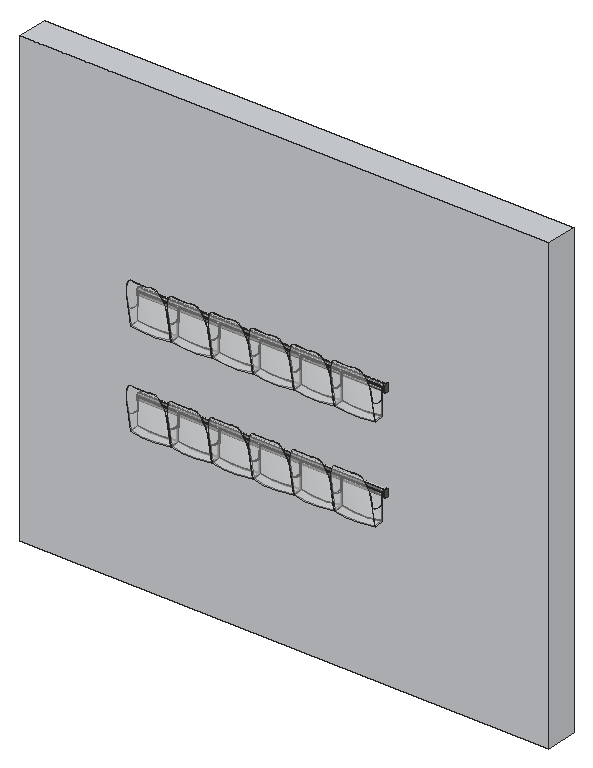
Revit family "REVIT-MG-1032-Dacapo-", category Furniture, Revit 2016
Family settings
  OmniClass Number = 23.40.20.00
  OmniClass Title = General Furniture and Specialties
  Work Plane-Based = No
  Always vertical = Yes
  Cut with Voids When Loaded = No
  Shared = No
  Room Calculation Point = No
Parameters (values of type "MG-1032")
  URL = "www.magnusongroup.com"
  Type Comments = "Waiting Rooms"  # constant formula
  Salvage or Reuse = yes
  Percentage of Recycled Content = 0
  Model = "MG-1032"
  Manufacturer = "Magnuson Group"  # constant formula
  Low Emitting Material = yes
  Low Emitting Finish = yes
  Revit File Built By = "https://servex-us.com/servex-revit/"
  Description = "Dacapo Brochure & Leaflet Holder"
Reference planes (in)
  plane 1 "Center Front/Back": y = 0
  plane 2: z = 0
  plane 3 "Center Left/Right": x = 0
Forms (in)
  Extrusion 1, solid
    sketch origin (0, 0, 0) x (1, 0, 0) y (0, 1, 0)
      loop
        line (-37.08763, 0) -> (46.91237, 0) -> (46.91237, 5) -> (-37.08763, 5) -> (-37.08763, 0)
    from 0 to 72
Dimensions and locks (in)
  aligned and locked: level to plane 2
Nested families (in)
  nested 1: "Magnuson-Dacapo-Wall_Mounted_Rail_A5" at (1.63472, 0, 42.41493) x (1, 0, 0) z (0, -1, 0), type "DC10-6A5"
  nested 2: "Magnuson-Dacapo-Wall_Mounted_Rail_A5" at (1.63472, 0, 27.41493) x (1, 0, 0) z (0, -1, 0), type "DC10-6A5"
Definition of nested family "Magnuson-Dacapo-Wall_Mounted_Rail_A5"
  Parameters (values of type "DC20-12A5")
    Width = 78 3/4"
    URL = "www.magnusongroup.com"
    Type Comments = "DACAPO"  # constant formula
    Tray Finish = none
    Salvage or Reuse = yes
    Rail Finsih = none
    Percentage of Recycled Content = 0
    Model = "DC20-12A5"
    Manufacturer = "MAGNUSON"  # constant formula
    Low Emitting Material = yes
    Low Emitting Finish = yes
    Keynote = "12500"
    Height = 4 3/8"
    Dist Tray W = 0.43614"
    Description = "Wall mounted rail with twelve A5 sized leaflet holders Rail in two sections"
    Depth = 7 7/8"
    Default Elevation = 48"
    Cut V = Width = 78 3/4"  # yes
    Cut = if(Width = 78 3/4", 3", 1/8")  # 3"
    Cap Finish = none
    Assembly Code = "E2020200"
    #Tray = if(Width = 78 3/4", 12, if(Width = 59 1/16", 9, if(Width = 39 3/8", 6, 3)))  # 12
  Types (5): name | Width | Model | Description | Cut V | Cut | #Tray
    (no name) | 78 3/4" | "DC20-12A5" | "Wall mounted rail with twelve A5 sized leaflet holders Rail in two sections" | yes | 3" | 12
    DC50-3A5 | 19 11/16" | "DC50-3A5" | "Wall mounted rail with three A5 sized leaflet holders" | no | 1/8" | 3
    DC10-6A5 | 39 3/8" | "DC10-6A5" | "Wall mounted rail with six A5 sized leaflet holders" | no | 1/8" | 6
    DC15-9A5 | 59 1/16" | "DC15-9A5" | "Wall mounted rail with nine A5 sized leaflet holderss" | no | 1/8" | 9
    DC20-12A5 | 78 3/4" | "DC20-12A5" | "Wall mounted rail with twelve A5 sized leaflet holders Rail in two sections" | yes | 3" | 12
  Reference planes (in)
    plane 1 "Center (Front/Back)": y = 0
    plane 2: z = 0
    plane 3 "Center (Left/Right)": x = 0
    plane 4: x = -39.375
    plane 5: x = 39.375
    plane 6: x = -39.25
    plane 7: x = 39.25
    plane 8: y = 0.59553
    plane 9: y = -0.59785
    plane 10: y = 3.63848
    plane 11: y = -4.22736
    plane 12: z = -0.25
    plane 13: x = -39.125
    plane 14: x = 39.125
    plane 15: z = 3.91937
  Forms (in)
    Extrusion 1, solid
      sketch origin (0, 0, 0) x (1, 0, 0) y (0, 1, 0)
        loop
          line (-47, 47.23622) -> (-47, -48) -> (47.00147, -48) -> (47.00147, 47.23622) -> (-47, 47.23622)
      from 0 to -12
    Extrusion 2, solid, material <- "Cap Finish"
      sketch origin (0, 0, 0) x (0, 1, 0) y (0, 0, 1)
        loop
          arc (0.59553, 0.35063) -> (0.43908, 0.48907) -> (0.23622, 0.53903) r 0.43684
          line (0.23622, 0.53903) -> (-0.23622, 0.53903)
          arc (-0.23622, 0.53903) -> (-0.44089, 0.48812) -> (-0.59785, 0.34724) r 0.43684
          line (-0.59785, 0.34724) -> (-0.59785, 0) -> (0.59553, 0) -> (0.59553, 0.35063)
      from -39.375 to -39.25
    Extrusion 3, solid, material <- "Cap Finish"
      sketch origin (13.25, 0, 0) x (0, 1, 0) y (0, 0, 1)
        loop
          arc (0.59553, 0.35063) -> (0.43908, 0.48907) -> (0.23622, 0.53903) r 0.43684
          line (0.23622, 0.53903) -> (-0.23622, 0.53903)
          arc (-0.23622, 0.53903) -> (-0.44089, 0.48812) -> (-0.59785, 0.34724) r 0.43684
          line (-0.59785, 0.34724) -> (-0.59785, 0) -> (0.59553, 0) -> (0.59553, 0.35063)
      from 26 to 26.125
    Extrusion 4, solid, material <- "Rail Finsih"
      sketch origin (0, 0, 0) x (0, 1, 0) y (0, 0, 1)
        loop
          line (0.23622, 0.53903) -> (0.23622, 0.05906) -> (0, 0.05906) -> (0, 0.53903) -> (-0.23622, 0.53903)
          arc (-0.23622, 0.53903) -> (-0.44089, 0.48812) -> (-0.59785, 0.34724) r 0.43684
          line (-0.59785, 0.34724) -> (-0.59785, 0) -> (0.59553, 0) -> (0.59553, 0.35063)
          arc (0.59553, 0.35063) -> (0.43908, 0.48907) -> (0.23622, 0.53903) r 0.43684
      from -39.25 to 39.25
    Extrusion 5, void
      sketch origin (0, 0, 0) x (1, 0, 0) y (0, 0, 1)
        loop
          line (0.016, 2.75) -> (-0.016, 2.75) -> (-0.016, -0.25) -> (0.016, -0.25) -> (0.016, 2.75)
      from -0.59553 to 0.59785
  Cuts and joins
    Extrusion 5 cuts Extrusion 2
    Extrusion 5 cuts Extrusion 4
  Lines and regions (in)
    symbolic lines
      curve 1: line (39.375, 0, 0) -> (39.375, 0, 0.53903)
      curve 2: line (39.25, 0, 0) -> (39.25, 0, 0.53903)
      curve 3: line (-39.375, 0, 0.53903) -> (-39.375, 0, 0)
      curve 4: line (-39.25, 0, 0.53903) -> (-39.25, 0, 0)
      curve 5: line (-39.375, 0, 0) -> (39.375, 0, 0)
      curve 6: line (39.375, 0, 0.53903) -> (-39.375, 0, 0.53903)
      curve 7: line (-39.25, 0, 0.35063) -> (39.25, 0, 0.35063)
    symbolic lines, visible <- "Cut V"
      curve 8: line (0, 0, 0.53903) -> (0, 0, -0.25)
  Dimensions and locks (in)
    plane 4 to plane 6 to plane 13 = 1/8" locked, 1/8" locked
    plane 14 to plane 7 to plane 5 = 1/8" locked, 1/8" locked
    equal spacing: plane 4, plane 3 "Center (Left/Right)", plane 5
    "Width": plane 4 to plane 5
    plane 10 to plane 1 "Center (Front/Back)" to plane 11 = 3.63848", 4.22736"
    plane 10 to plane 11 = 7.86583"
    locked: plane 12 to Extrusion 1 at 0.25
    Extrusion 5 sketch curve to plane 3 "Center (Left/Right)" to Extrusion 5 sketch curve = 0.016" locked, 0.016" locked
    "Cut": plane 12 to Extrusion 5 sketch curve
    equal spacing: group 1, group 3, group 4, group 5, group 6, group 7, group 8, group 9, group 10, group 11, group 12, group 2  (x3)
    plane 15 to Extrusion 1 = 3.91937"
    aligned and locked: plane 2 to Extrusion 1
    aligned and locked: level to Extrusion 1
    aligned and locked: plane 4 to Extrusion 2
    aligned and locked: Extrusion 2 to plane 6
    aligned and locked: plane 5 to Extrusion 3
    aligned and locked: Extrusion 3 to plane 7
    aligned and locked: plane 6 to Extrusion 4
    aligned and locked: plane 7 to Extrusion 4
    aligned and locked: Extrusion 5 sketch curve to plane 12
    aligned and locked: plane 8 to Extrusion 5
    aligned and locked: Extrusion 5 to plane 9
    aligned and locked: curve 1 to Extrusion 3
    aligned and locked: curve 2 to cut or joined group of Extrusion 4, Extrusion 5
    aligned and locked: curve 3 to cut or joined group of Extrusion 2, Extrusion 5
    aligned and locked: curve 4 to cut or joined group of Extrusion 4, Extrusion 5
    aligned and locked: curve 5 to cut or joined group of Extrusion 2, Extrusion 5
    aligned and locked: curve 6 to Extrusion 3
    aligned and locked: curve 7 to cut or joined group of Extrusion 4, Extrusion 5
    aligned and locked: plane 13 to nested 1
    aligned and locked: nested 2 to plane 14
  Automatic sketch dimensions
    Extrusion 1 sketch curve to Extrusion 1 sketch curve = 94.00147"
    Extrusion 1 sketch curve to Extrusion 1 sketch curve = 95.23622"
    curve 8 to plane 3 "Center (Left/Right)" = 0"
    curve 8 to plane 12 = 0"
    Extrusion 2 sketch curve to plane 9 = 0"
    Extrusion 2 sketch curve to level = 0"
    Extrusion 2 sketch curve to plane 8 = 0"
    level to Extrusion 2 sketch curve = 0.10219"  (x2)
    plane 1 "Center (Front/Back)" to Extrusion 2 sketch curve = 0.23622"
    Extrusion 2 sketch curve to plane 1 "Center (Front/Back)" = 0.23622"
    Extrusion 2 sketch curve to Extrusion 2 sketch curve = 0.34724"
    Extrusion 3 sketch curve to plane 9 = 0"
    Extrusion 3 sketch curve to level = 0"
    Extrusion 3 sketch curve to plane 8 = 0"
    level to Extrusion 3 sketch curve = 0.10219"  (x2)
    plane 1 "Center (Front/Back)" to Extrusion 3 sketch curve = 0.23622"
    Extrusion 3 sketch curve to plane 1 "Center (Front/Back)" = 0.23622"
    Extrusion 3 sketch curve to Extrusion 3 sketch curve = 0.34724"
    Extrusion 4 sketch curve to plane 9 = 0"
    Extrusion 4 sketch curve to plane 1 "Center (Front/Back)" = 0"
    Extrusion 4 sketch curve to level = 0"
    Extrusion 4 sketch curve to plane 8 = 0"
    plane 1 "Center (Front/Back)" to Extrusion 4 sketch curve = 0.23622"
    level to Extrusion 4 sketch curve = 0.05906"
    Extrusion 4 sketch curve to Extrusion 4 sketch curve = 0.23622"
    level to Extrusion 4 sketch curve = 0.10219"
    Extrusion 4 sketch curve to Extrusion 4 sketch curve = 0.04314"
    Extrusion 4 sketch curve to Extrusion 4 sketch curve = 0.34724"
    Extrusion 4 sketch curve to Extrusion 4 sketch curve = 0.35063"
  Nested families (in)
    nested 1: "Tray-A5" at (-35.92605, -40.59373, 0.32349) x (1, 0, 0) z (0, 1, 0), Tray Finish <- "Tray Finish", type "A5"
      with Tray Finish none, A5 yes
    nested 2: "Tray-A5" at (35.92605, -40.59373, 0.32349) x (1, 0, 0) z (0, 1, 0), Tray Finish <- "Tray Finish", type "A5"
      with Tray Finish none, A5 yes
    nested 3: "Tray-A5" at (-29.39404, -40.59373, 0.32349) x (1, 0, 0) z (0, 1, 0), Tray Finish <- "Tray Finish", type "A5"
      with Tray Finish none, A5 yes
    nested 4: "Tray-A5" at (-22.86203, -40.59373, 0.32349) x (1, 0, 0) z (0, 1, 0), Tray Finish <- "Tray Finish", type "A5"
      with Tray Finish none, A5 yes
    nested 5: "Tray-A5" at (-16.33002, -40.59373, 0.32349) x (1, 0, 0) z (0, 1, 0), Tray Finish <- "Tray Finish", type "A5"
      with Tray Finish none, A5 yes
    nested 6: "Tray-A5" at (-9.79801, -40.59373, 0.32349) x (1, 0, 0) z (0, 1, 0), Tray Finish <- "Tray Finish", type "A5"
      with Tray Finish none, A5 yes
    nested 7: "Tray-A5" at (-3.266, -40.59373, 0.32349) x (1, 0, 0) z (0, 1, 0), Tray Finish <- "Tray Finish", type "A5"
      with Tray Finish none, A5 yes
    nested 8: "Tray-A5" at (3.266, -40.59373, 0.32349) x (1, 0, 0) z (0, 1, 0), Tray Finish <- "Tray Finish", type "A5"
      with Tray Finish none, A5 yes
    nested 9: "Tray-A5" at (9.79801, -40.59373, 0.32349) x (1, 0, 0) z (0, 1, 0), Tray Finish <- "Tray Finish", type "A5"
      with Tray Finish none, A5 yes
    nested 10: "Tray-A5" at (16.33002, -40.59373, 0.32349) x (1, 0, 0) z (0, 1, 0), Tray Finish <- "Tray Finish", type "A5"
      with Tray Finish none, A5 yes
    nested 11: "Tray-A5" at (22.86203, -40.59373, 0.32349) x (1, 0, 0) z (0, 1, 0), Tray Finish <- "Tray Finish", type "A5"
      with Tray Finish none, A5 yes
    nested 12: "Tray-A5" at (29.39404, -40.59373, 0.32349) x (1, 0, 0) z (0, 1, 0), Tray Finish <- "Tray Finish", type "A5"
      with Tray Finish none, A5 yes
  Definition of nested family "Tray-A5"
    Parameters (values of type "A5")
      Tray Finish [instance] = none
      Default Elevation = 48"
      A5 [instance] = yes
    Reference planes (in)
      plane 1 "Center Front/Back": y = 0
      plane 2: z = 0
      plane 3 "Center Left/Right": x = 0
      plane 4: x = -3.19895
      plane 5: x = 3.19895
      plane 6: y = -3.59588
    Forms (in)
      Blend 1, solid, material <- "Tray Finish", visible <- "A5"
        base sketch origin (0, 26.33192, 4.98928) x (1, 0, 0) y (0, 0.985293, 0.170871)
          loop
            line (-3.19895, -20.86582) -> (-3.19895, -22.30327)
            arc (-3.19895, -22.30327) -> (0, -22.66341) -> (3.19895, -22.30327) r 14.38735
            line (3.19895, -22.30327) -> (3.19895, -20.86582)
            arc (3.19895, -20.86582) -> (0, -21.22596) -> (-3.19895, -20.86582) r 14.38735
        top sketch origin (0, 26.33974, 4.94419) x (1, 0, 0) y (0, 0.985293, 0.170871)
          loop
            arc (-3.19895, -22.37471) -> (0, -22.79689) -> (3.19895, -22.37471) r 12.33056
            line (3.19895, -22.37471) -> (3.19895, -19.14871)
            arc (3.19895, -19.14871) -> (0, -18.71977) -> (-3.19895, -19.14871) r 12.14306
            line (-3.19895, -19.14871) -> (-3.19895, -22.37471)
        from 35.77576 to 44.3791
      Blend 2, void
        base sketch origin (0, 26.33192, 4.98928) x (1, 0, 0) y (0, 0.985293, 0.170871)
          loop
            line (-3.1052, -20.93599) -> (-3.1052, -22.22829)
            arc (-3.1052, -22.22829) -> (0, -22.56966) -> (3.1052, -22.22829) r 14.2936
            line (3.1052, -22.22829) -> (3.1052, -20.93599)
            arc (3.1052, -20.93599) -> (0, -21.27284) -> (-3.1052, -20.93599) r 14.4811
        top sketch origin (0, 26.33974, 4.94419) x (1, 0, 0) y (0, 0.985293, 0.170871)
          loop
            arc (-3.1052, -22.3026) -> (0, -22.70314) -> (3.1052, -22.3026) r 12.23681
            line (3.1052, -22.3026) -> (3.1052, -19.22051)
            arc (3.1052, -19.22051) -> (0, -18.81352) -> (-3.1052, -19.22051) r 12.04931
            line (-3.1052, -19.22051) -> (-3.1052, -22.3026)
        from 35.87177 to 44.3791
      Extrusion 3, void
        sketch origin (0, 32.27598, 5.56722) x (0, 0.985293, 0.170871) y (0, -0.170871, 0.985293)
          loop
            arc (-26.74781, 38.45818) -> (-26.54914, 38.48481) -> (-26.43389, 38.64882) r 0.25
            line (-26.43389, 38.64882) -> (-25.16563, 44.90446) -> (-28.25128, 44.90446) -> (-28.20324, 39.43411)
            arc (-28.20324, 39.43411) -> (-28.05026, 38.98671) -> (-27.66, 38.71975) r 0.75
            line (-27.66, 38.71975) -> (-26.74781, 38.45818)
        from -3.21205 to -3.08223
      Extrusion 4, void
        sketch origin (0, 32.27598, 5.56722) x (0, 0.985293, 0.170871) y (0, -0.170871, 0.985293)
          loop
            line (-25.33778, 40.04064) -> (-24.44594, 44.80451) -> (-25.4142, 44.80451) -> (-26.27325, 40.21577) -> (-25.33778, 40.04064)
        from -3.21205 to 3.21205
      Extrusion 5, void
        sketch origin (0, 32.27598, 5.56722) x (1, 0, 0) y (0, -0.170871, 0.985293)
          loop
            line (-1.54407, 44.19371) -> (1.54407, 44.19371)
            arc (1.54407, 44.19371) -> (2.04649, 44.05833) -> (2.41288, 43.68885) r 1
            arc (2.41288, 43.68885) -> (2.70253, 43.08828) -> (2.90731, 42.45372) r 4.86276
            arc (2.90731, 42.45372) -> (3.09605, 41.55802) -> (3.22012, 40.65109) r 12.76491
            line (3.22012, 40.65109) -> (3.44375, 40.65109) -> (3.44375, 44.90109) -> (-3.44375, 44.90109) -> (-3.44375, 40.65109) -> (-3.22012, 40.65109)
            arc (-3.22012, 40.65109) -> (-3.09605, 41.55802) -> (-2.90731, 42.45372) r 12.76491
            arc (-2.90731, 42.45372) -> (-2.70253, 43.08828) -> (-2.41288, 43.68885) r 4.86276
            arc (-2.41288, 43.68885) -> (-2.04649, 44.05833) -> (-1.54407, 44.19371) r 1
        from 27.97945 to 28.93437
      Extrusion 6, void
        sketch origin (0, 32.27598, 5.56722) x (0, 0.985293, 0.170871) y (0, 0.170871, -0.985293)
          loop
            line (-26.74781, -38.45818) -> (-27.66, -38.71975)
            arc (-27.66, -38.71975) -> (-28.05026, -38.98671) -> (-28.20324, -39.43411) r 0.75
            line (-28.20324, -39.43411) -> (-28.25128, -44.90446) -> (-25.16563, -44.90446) -> (-26.43389, -38.64882)
            arc (-26.43389, -38.64882) -> (-26.54914, -38.48481) -> (-26.74781, -38.45818) r 0.25
        from -3.21205 to -3.08223
      Extrusion 7, solid, material <- "Tray Finish", visible <- "A5"
        sketch origin (0, 32.27598, 5.56722) x (0, 0.985293, 0.170871) y (0, -0.170871, 0.985293)
          loop
            line (-26.1045, 40.09039) -> (-25.96905, 40.08329)
            arc (-25.96905, 40.08329) -> (-25.86903, 40.11292) -> (-25.80994, 40.19889) r 0.15625
            line (-25.80994, 40.19889) -> (-25.74318, 40.44805) -> (-25.81864, 40.46827) -> (-25.88541, 40.21911)
            arc (-25.88541, 40.21911) -> (-25.91495, 40.17612) -> (-25.96496, 40.16131) r 0.07813
            line (-25.96496, 40.16131) -> (-26.10041, 40.16841) -> (-26.1045, 40.09039)
        from -2.40199 to 2.40325
    Cuts and joins
      Blend 2, Extrusion 3, Extrusion 4, Extrusion 5, Extrusion 6 cuts Blend 1
      joined: Blend 1, Extrusion 7
    Lines and regions (in)
      symbolic lines, visible <- "A5"
        curve 1: line (-3.19895, -0.23414, 0) -> (-3.19895, -2.50422, 0)
        curve 2: line (3.19895, -0.23414, 0) -> (3.19895, -2.50422, 0)
        curve 3: spline (1.54407, -3.50119, 0) -> (1.28773, -3.5301, 0) -> (1.03085, -3.55376, 0) -> (0.77353, -3.57218, 0) -> (0.51587, -3.58535, 0) -> (0.25799, -3.59325, 0) -> (0, -3.59588, 0) -> (-0.25799, -3.59325, 0) -> (-0.51587, -3.58535, 0) -> (-0.77353, -3.57218, 0) -> (-1.03085, -3.55376, 0) -> (-1.28773, -3.5301, 0) -> (-1.54407, -3.50119, 0)
        curve 4: spline (-1.54258, -3.40818, 0) -> (-1.28638, -3.43727, 0) -> (-1.02963, -3.46108, 0) -> (-0.77243, -3.4796, 0) -> (-0.51489, -3.49283, 0) -> (-0.25712, -3.50077, 0) -> (0.00075, -3.50341, 0) -> (0.25863, -3.50074, 0) -> (0.51639, -3.49277, 0) -> (0.77392, -3.47951, 0) -> (1.03112, -3.46095, 0) -> (1.28787, -3.43711, 0) -> (1.54407, -3.408, 0)
        curve 5: arc (-2.41292, -3.17703, 0) -> (-1.98564, -3.32231, 0) -> (-1.54258, -3.40818, 0) r 3.31423
        curve 6: arc (-3.19895, -2.50422, 0) -> (-2.85886, -2.90245, 0) -> (-2.41292, -3.17703, 0) r 1.68493
        curve 7: arc (-1.54407, -3.50119, 0) -> (-1.98633, -3.41586, 0) -> (-2.41293, -3.27131, 0) r 3.31139
        curve 8: arc (-2.41293, -3.27131, 0) -> (-2.79619, -3.04654, 0) -> (-3.1052, -2.72728, 0) r 1.64279
        curve 9: arc (1.54407, -3.408, 0) -> (1.98636, -3.32219, 0) -> (2.41288, -3.17703, 0) r 3.30571
        curve 10: arc (2.41288, -3.17703, 0) -> (2.85877, -2.90238, 0) -> (3.19895, -2.50422, 0) r 1.68702
        curve 11: arc (2.41288, -3.27131, 0) -> (1.98631, -3.41587, 0) -> (1.54407, -3.50119, 0) r 3.31084
        curve 12: arc (3.1052, -2.72725, 0) -> (2.79616, -3.04652, 0) -> (2.41288, -3.27131, 0) r 1.64316
        curve 13: spline (-3.1052, -1.69891, 0) -> (-2.59402, -1.8014, 0) -> (-2.07937, -1.88544, 0) -> (-1.56196, -1.95092, 0) -> (-1.04246, -1.99776, 0) -> (-0.52158, -2.02588, 0) -> (0, -2.03526, 0) -> (0.52158, -2.02588, 0) -> (1.04246, -1.99776, 0) -> (1.56196, -1.95092, 0) -> (2.07937, -1.88544, 0) -> (2.59402, -1.8014, 0) -> (3.1052, -1.69891, 0)
        curve 14: spline (3.1052, -0.42562, 0) -> (2.59385, -0.52676, 0) -> (2.07913, -0.60969, 0) -> (1.56171, -0.6743, 0) -> (1.04227, -0.72051, 0) -> (0.52147, -0.74826, 0) -> (0, -0.75751, 0) -> (-0.52147, -0.74826, 0) -> (-1.04227, -0.72051, 0) -> (-1.56171, -0.6743, 0) -> (-2.07913, -0.60969, 0) -> (-2.59385, -0.52676, 0) -> (-3.1052, -0.42562, 0)
        curve 15: line (-3.1052, -0.31393, 0) -> (-3.1052, -2.64123, 0)
        curve 16: line (3.1052, -2.64113, 0) -> (3.1052, -0.31393, 0)
        curve 17: line (-3.1052, -0.31393, 0) -> (3.1052, -0.31393, 0)
        curve 18: spline (2.40325, -0.23255, 0) -> (2.00292, -0.22064, 0) -> (1.60254, -0.21089, 0) -> (1.2021, -0.20331, 0) -> (0.80163, -0.19789, 0) -> (0.40114, -0.19464, 0) -> (0.00063, -0.19356, 0) -> (-0.39987, -0.19464, 0) -> (-0.80037, -0.19789, 0) -> (-1.20084, -0.20331, 0) -> (-1.60127, -0.21089, 0) -> (-2.00166, -0.22064, 0) -> (-2.40199, -0.23255, 0)
        curve 19: line (3.19895, -0.23414, 0) -> (2.40325, -0.23255, 0)
        curve 20: line (-2.40199, -0.23255, 0) -> (-3.19895, -0.23414, 0)
    Dimensions and locks (in)
      aligned and locked: level to plane 2
